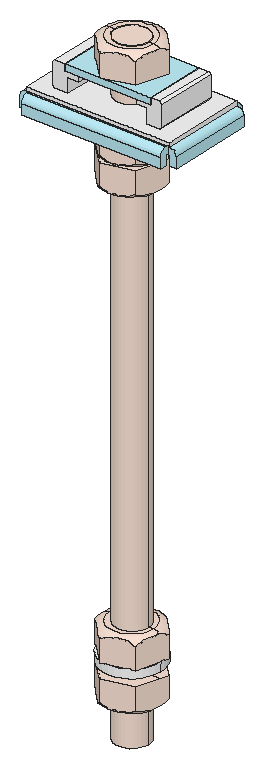
Revit family "gtdirect", category 機械設備, Revit 2022
Family settings
  丸型コネクタ寸法 = 直径を使用
  種別 = なし
  パーツ タイプ = 標準
  作業面ベース = いいえ
  常に垂直 = はい
  ロード時にボイドで切り取り = いいえ
  注釈の向きを維持 = いいえ
  共有 = いいえ
  部屋計算ポイント = いいえ
Parameters
  製造元 = "株式会社桐井製作所"
  既定の高さ = 0 mm
  URL = "https://www.kirii.co.jp/"
  K_名称 = "ボルトセットGTダイレクト用"
  K_備考 = "ボルト長さ150mm~500mmまで対応"
  K_バージョン情報 = "20221219"
Reference planes
  plane 1 "中心(正面/背面)": y = 0
  plane 2: z = 0
  plane 3 "中心(左/右)": x = 0
Forms (mm)
  Extrusion 1, solid
    sketch origin (0.058, 0, 0) x (1, 0, 0) y (0, 1, 0)
      loop
        circle (-0.02, 0) r 7.94
    from -30 to 270
Dimensions and locks
  aligned and locked: level to plane 2
Nested families
  nested 1: "5／8”ナット" at (0, 0, 7.2), type "5／8”ナット"
  nested 2: "5／8”スプリングワッシャー" at (0.038, -0.162, 3.2), type "5／8”スプリングワッシャー"
  nested 3: "5／8”ナット" at (0, -0.002, 0) x (1, 0, 0) z (0, 0, -1), type "5／8”ナット"
  nested 4: "5／8”ナット" at (0, 0, 257), type "5／8”ナット"
  nested 5: "5／8”ナット" at (0, -0.002, 233.4) x (1, 0, 0) z (0, 0, -1), type "5／8”ナット"
  nested 6: "5／8”ナット" at (0, -0.002, 220.4) x (1, 0, 0) z (0, 0, -1), type "5／8”ナット"
  nested 7: "5／8”スプリングワッシャー" at (0.038, -0.162, 234.2), type "5／8”スプリングワッシャー"
  nested 8: "押え金具" at (0.038, 0, 245), type "押え金具"
  nested 9: "GTダイレクト用受け金具" at (0.038, 0, 245), type "GTダイレクト用受け金具"
Definition of nested family "5／8”ナット"
  Parameters (values of type "5／8”ナット")
    Manufacturer = "株式会社桐井製作所"
    Default Elevation = 0 mm
    URL = "https://www.kirii.co.jp/"
    K_表面処理 = "JIS H 8610 電気亜鉛めっき1級以上　JIS H 8625 1級CM1A以上"
    K_材質 = "軟鋼線材 JIS G 3505 同等以上"
    K_名称 = "5/8\"ナット"
    K_単位質量(kg/個) = 0.043
    K_バージョン情報 = "20221219"
  Reference planes
    plane 1 "中心(正面/背面)": y = 0
    plane 2: z = 0
    plane 3 "中心(左/右)": x = 0
  Forms (mm)
    Revolve 1, solid
      sketch origin (0, 0, 2.36) x (1, 0, 0) y (0, 0, 1)
        loop
          line (10.586, 10.64) -> (8, 10.64) -> (8, -2.36) -> (16, -2.36) -> (16, 4.24)
          arc (16, 4.24) -> (14.465, 8.431) -> (10.586, 10.64) r 6.49
        axis (0, 10.64) -> (0, -2.36)
      angle from 0 to 360
    Extrusion 2, void
      sketch origin (0, 0, 0) x (1, 0, 0) y (0, 1, 0)
        loop
          circle (0, 0) r 16
        loop
          line (3.875, 14.461) -> (-10.586, 10.586) -> (-14.461, -3.875) -> (-3.875, -14.461) -> (10.586, -10.586) -> (14.461, 3.875) -> (3.875, 14.461)
      from 0 to 13
  Cuts and joins
    Extrusion 2 cuts Revolve 1
  Dimensions and locks
    aligned and locked: level to plane 2
Definition of nested family "5／8”スプリングワッシャー"
  Parameters (values of type "5／8”スプリングワッシャー")
    Manufacturer = "株式会社桐井製作所"
    Default Elevation = 0 mm
    URL = "https://www.kirii.co.jp/"
    K_表面処理 = "JIS H 8610 電気亜鉛めっき1級以上　JIS H 8625 1級CM1A以上"
    K_材質 = "軟鋼線材 JIS G 3505 同等以上"
    K_名称 = "5/8”スプリングワッシャー"
    K_単位質量(kg/個) = 0.005
    K_バージョン情報 = "20221219"
  Reference planes
    plane 1 "中心(正面/背面)": y = 0
    plane 2: z = 0
    plane 3 "中心(左/右)": x = 0
  Forms (mm)
    Extrusion 1, solid
      sketch origin (0, 0, 0) x (1, 0, 0) y (0, 1, 0)
        loop
          circle (0, 0.162) r 14
        loop
          circle (0, 0.162) r 8
      from 0 to 4
  Dimensions and locks
    aligned and locked: level to plane 2
Definition of nested family "押え金具"
  Parameters (values of type "押え金具")
    Manufacturer = "株式会社桐井製作所"
    Default Elevation = 0 mm
    URL = "https://www.kirii.co.jp/"
    K_表面処理 = "Z12以上"
    K_材質 = "溶融亜鉛めっき鋼板及び鋼帯 JIS G 3302"
    K_名称 = "押え金具"
    K_単位質量(kg/個) = 0.047
    K_バージョン情報 = "20221219"
  Reference planes
    plane 1 "中心(正面/背面)": y = 0
    plane 2: z = 0
    plane 3 "中心(左/右)": x = 0
  Forms (mm)
    Extrusion 1, solid
      sketch origin (0, 0, 0) x (1, 0, 0) y (0, 0, 1)
        loop
          line (20.5, 12) -> (-20.5, 12) -> (-20.5, 8.8) -> (20.5, 8.8) -> (20.5, 12)
      from -14.5 to 14.5
    Extrusion 2, solid
      sketch origin (0, 0, 0) x (1, 0, 0) y (0, 0, 1)
        loop
          line (-13.8, 6.8) -> (-13.8, 8.8) -> (-20.5, 8.8) -> (-20.5, 12) -> (-25, 12) -> (-26, 11) -> (-26, 1) -> (-25, 0) -> (-18.8, 0) -> (-18.8, 6.8) -> (-13.8, 6.8)
      from -14.5 to 14.5
    Extrusion 3, solid
      sketch origin (0, 0, 0) x (-1, 0, 0) y (0, 0, -1)
        loop
          line (-13.8, -6.8) -> (-18.8, -6.8) -> (-18.8, 0) -> (-25, 0) -> (-26, -1) -> (-26, -11) -> (-25, -12) -> (-20.5, -12) -> (-20.5, -8.8) -> (-13.8, -8.8) -> (-13.8, -6.8)
      from -14.5 to 14.5
    Extrusion 4, void
      sketch origin (0, 0, 0) x (1, 0, 0) y (0, 1, 0)
        loop
          circle (0, 0) r 8.25
      from 8.8 to 12
  Cuts and joins
    Extrusion 4 cuts Extrusion 1
  Dimensions and locks
    aligned and locked: level to plane 2
Definition of nested family "GTダイレクト用受け金具"
  Parameters (values of type "GTダイレクト用受け金具")
    Manufacturer = "株式会社桐井製作所"
    Default Elevation = 0 mm
    URL = "https://www.kirii.co.jp/"
    K_表面処理 = "Z12以上"
    K_材質 = "溶融亜鉛めっき鋼板及び鋼帯 JIS G 3302"
    K_名称 = "GTダイレクト用受け金具"
    K_単位質量(kg/個) = 0.096
    K_バージョン情報 = "20221219"
  Reference planes
    plane 1 "中心(正面/背面)": y = 0
    plane 2: z = 0
    plane 3 "中心(左/右)": x = 0
  Forms (mm)
    Extrusion 1, solid
      sketch origin (0, 0, 0) x (0, 1, 0) y (0, 0, -1)
        loop
          line (-20, 5.2) -> (-21.05, 5.2) -> (-21.05, 10) -> (-24.25, 10) -> (-24.25, 5.2)
          arc (-24.25, 5.2) -> (-23.311, 2.936) -> (-21.046, 2) r 3.2
          line (-21.046, 2) -> (-20, 2) -> (-20, 5.2)
      from -33 to 33
    Extrusion 2, void
      sketch origin (0, 0, 0) x (-1, 0, 0) y (0, -1, 0)
        loop
          circle (0, 0) r 8
      from -5.2 to 0
    Extrusion 3, solid
      sketch origin (0, 0, 0) x (0, -1, 0) y (0, 0, 1)
        loop
          line (-20, -5.2) -> (-20, -2) -> (-21.046, -2)
          arc (-21.046, -2) -> (-23.311, -2.936) -> (-24.25, -5.2) r 3.2
          line (-24.25, -5.2) -> (-24.25, -10) -> (-21.05, -10) -> (-21.05, -5.2) -> (-20, -5.2)
      from -33 to 33
    Extrusion 4, solid
      sketch origin (0, -0.016, -2) x (-1, 0, 0) y (0, 0, 1)
        loop
          arc (37.25, -3.2) -> (36.313, -0.937) -> (34.05, 0) r 3.2
          line (34.05, 0) -> (-34.05, 0)
          arc (-34.05, 0) -> (-36.313, -0.937) -> (-37.25, -3.2) r 3.2
          line (-37.25, -3.2) -> (-37.25, -8) -> (-34.05, -8) -> (-34.05, -3.7)
          arc (-34.05, -3.7) -> (-33.904, -3.346) -> (-33.55, -3.2) r 0.5
          line (-33.55, -3.2) -> (33.55, -3.2)
          arc (33.55, -3.2) -> (33.904, -3.346) -> (34.05, -3.7) r 0.5
          line (34.05, -3.7) -> (34.05, -8) -> (37.25, -8) -> (37.25, -3.2)
      from -20 to 20
    Extrusion 5, solid
      sketch origin (0, 0, 0) x (1, 0, 0) y (0, 0, 1)
        loop
          line (-34, 0) -> (-34, -2) -> (34, -2) -> (34, 0) -> (-34, 0)
      from -20 to 20
  Cuts and joins
    Extrusion 2 cuts Extrusion 1
    Extrusion 2 cuts Extrusion 4
    joined: Extrusion 1, Extrusion 3, Extrusion 4
    Extrusion 2 cuts Extrusion 5
  Dimensions and locks
    aligned and locked: level to plane 2
